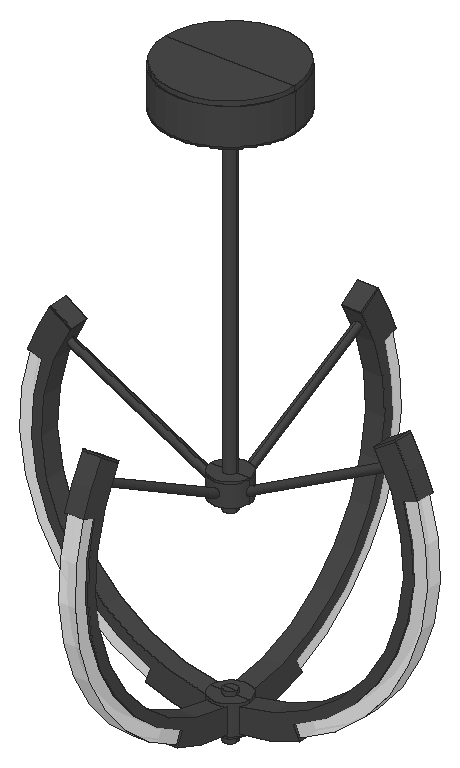
Revit family "3-6140 Utopia Pendant", category Lighting Fixtures, host Ceiling, Revit 2018
Family settings
  Host = Ceiling
  Round Connector Dimension = Use Diameter
  Part Type = Normal
  OmniClass Number = 23.80.70.11
  OmniClass Title = Luminaries for Internal Lighting
  Always vertical = Yes
  Cut with Voids When Loaded = No
  Light Source = Yes
  Shared = No
  Room Calculation Point = No
Parameters (values of type "3-6140-15 / Black - Matte White Acrylic")
  Wattage Comments = "4 x 10.0 W at 120 V"  # constant formula
  Wattage = 49.1 W
  built-in parameter 1150110 = 1 (stored number, unit not read)
  Voltage Input = "120 V or 277 V - 50/60 Hz"  # constant formula
  Voltage = 120 V
  URL = "www.oxygenlighting.com"
  built-in parameter 1114217 = 1 (stored number, unit not read)
  Tilt Angle = 90.00°  # constant formula
  built-in parameter 1150109 = 1 (stored number, unit not read)
  built-in parameter 1150134 = (empty or 0)
  built-in parameter 1150113 = 1 (stored number, unit not read)
  References = "Ref. 3 = 120 V / Ref. 37 = 277 V"  # constant formula
  Photometric Web File = "3-6140-24 Utopia Pendant.ies"
  Model = "3-6140-xx / Utopia Pendant"  # constant formula
  Metal Finish = 15 - Black
  Manufacturer = "Oxygen - Lighting & Fans"  # constant formula
  Lumens = 1507.37 lm
  built-in parameter 1150115 = 1 (stored number, unit not read)
  built-in parameter 1150105 = 119.95 (stored number, unit not read)
  built-in parameter 1150137 = (empty or 0)
  built-in parameter 1150139 = (empty or 0)
  built-in parameter 1150112 = 1 (stored number, unit not read)
  built-in parameter 1150114 = 1 (stored number, unit not read)
  Lamp = "LED Array"  # constant formula
  built-in parameter 1150132 = (empty or 0)
  built-in parameter 1150102 = (empty or 0)
  built-in parameter 1150138 = (empty or 0)
  built-in parameter 1150107 = 3000 (stored number, unit not read)
  built-in parameter 1150106 = 1.1995 (stored number, unit not read)
  built-in parameter 1150104 = 2.8521 (stored number, unit not read)
  Dimming Lamp Color Temperature Shift = <None>
  Diffusers = Matte White Acrylic
  Color Filter = 16777215
  built-in parameter 1114218 = 1 (stored number, unit not read)
  built-in parameter 1150133 = 10 (stored number, unit not read)
Types (3): name | Metal Finish
  (no name) | 15 - Black
  3-6140-24 / Satin Nickel - Matte White Acrylic | 24 - Satin Nickel
  3-6140-15 / Black - Matte White Acrylic | 15 - Black
Reference planes (in)
  plane 1 "Light Source Axis (F/B)": y = 0
  plane 2 "Ceiling": z = 96
  plane 3 "Light Source Axis (L/R)": x = 0
  plane 4 "Light Source Elevation": z = 64.1
  plane 5: z = 93.79528
  plane 6: z = 93.59843
Forms (in)
  Extrusion 1, solid, material "15 - Black" <- "Metal Finish"
    sketch origin (0, 0, 0) x (1, 0, 0) y (0, 1, 0)
      loop
        line (0, 0.62961) -> (-0.05867, 0.59573) -> (-0.12283, 0.61751) -> (-0.17377, 0.57284) -> (-0.24094, 0.58168) -> (-0.28218, 0.52793) -> (-0.34979, 0.5235) -> (-0.37976, 0.46273) -> (-0.4452, 0.4452) -> (-0.46273, 0.37976) -> (-0.5235, 0.34979) -> (-0.52793, 0.28218) -> (-0.58168, 0.24094) -> (-0.57284, 0.17377) -> (-0.61751, 0.12283) -> (-0.59573, 0.05867) -> (-0.62961, 0) -> (-0.59573, -0.05867) -> (-0.61751, -0.12283) -> (-0.57284, -0.17377) -> (-0.58168, -0.24094) -> (-0.52793, -0.28218) -> (-0.5235, -0.34979) -> (-0.46273, -0.37976) -> (-0.4452, -0.4452) -> (-0.37976, -0.46273) -> (-0.34979, -0.5235) -> (-0.28218, -0.52793) -> (-0.24094, -0.58168) -> (-0.17377, -0.57284) -> (-0.12283, -0.61751) -> (-0.05867, -0.59573) -> (0, -0.62961) -> (0.05867, -0.59573) -> (0.12283, -0.61751) -> (0.17377, -0.57284) -> (0.24094, -0.58168) -> (0.28218, -0.52793) -> (0.34979, -0.5235) -> (0.37976, -0.46273) -> (0.4452, -0.4452) -> (0.46273, -0.37976) -> (0.5235, -0.34979) -> (0.52793, -0.28218) -> (0.58168, -0.24094) -> (0.57284, -0.17377) -> (0.61751, -0.12283) -> (0.59573, -0.05867) -> (0.62961, 0) -> (0.59573, 0.05867) -> (0.61751, 0.12283) -> (0.57284, 0.17377) -> (0.58168, 0.24094) -> (0.52793, 0.28218) -> (0.5235, 0.34979) -> (0.46273, 0.37976) -> (0.4452, 0.4452) -> (0.37976, 0.46273) -> (0.34979, 0.5235) -> (0.28218, 0.52793) -> (0.24094, 0.58168) -> (0.17377, 0.57284) -> (0.12283, 0.61751) -> (0.05867, 0.59573) -> (0, 0.62961)
    from 93.59843 to 93.79528
  Revolve 2, solid, material "15 - Black" <- "Metal Finish"
    sketch origin (0, 0, 0) x (1, 0, 0) y (0, 0, 1)
      loop
        line (3.2874, 96) -> (0, 96) -> (0, 93.79528) -> (3.22835, 93.79528)
        arc (3.22835, 93.79528) -> (3.31186, 93.82987) -> (3.34646, 93.91339) r 0.11811
        line (3.34646, 93.91339) -> (3.34646, 95.76378) -> (3.2874, 95.76378) -> (3.2874, 96)
      loop
        line (0.47244, 93.55906) -> (0.47244, 93.59843) -> (0, 93.59843) -> (0, 77.24037) -> (0.31496, 77.24037) -> (0.31496, 92.92913) -> (0.20669, 92.92913) -> (0.20669, 92.98819)
        arc (0.20669, 92.98819) -> (0.25783, 93.03293) -> (0.29948, 93.08661) r 0.35433
        line (0.29948, 93.08661) -> (0.43307, 93.08661) -> (0.43307, 93.51969) -> (0.47244, 93.55906)
      axis (0, 96) -> (0, 77.24037)
    angle from 0 to 360
  Revolve 3, solid, material "15 - Black" <- "Metal Finish"
    sketch origin (0, 0, 0) x (1, 0, 0) y (0, 0, 1)
      loop
        line (0, 77.24037) -> (0, 77.16163) -> (0.98425, 77.16163) -> (0.98425, 77.24037) -> (0, 77.24037)
      axis (0, 77.24037) -> (0, 77.16163)
    angle from 0 to 360
  Revolve 4, solid, material "15 - Black" <- "Metal Finish"
    sketch origin (0, 0, 0) x (1, 0, 0) y (0, 0, 1)
      loop
        line (0, 77.16163) -> (0, 75.46872) -> (0.33465, 75.46872) -> (0.33465, 76.05927) -> (0.98425, 76.05927) -> (0.98425, 77.16163) -> (0, 77.16163)
      axis (0, 77.16163) -> (0, 75.46872)
    angle from 0 to 360
  Revolve 5, solid, material "15 - Black" <- "Metal Finish"
    sketch origin (0, 0, 0) x (1, 0, 0) y (0, 0, 1)
      loop
        line (0, 64.90816) -> (0.33465, 64.90816) -> (0.33465, 65.49871) -> (0.98425, 65.49871) -> (0.98425, 65.57745) -> (0, 65.57745) -> (0, 64.90816)
      axis (0, 65.57745) -> (0, 64.90816)
    angle from 0 to 360
  Revolve 6, solid, material "15 - Black" <- "Metal Finish"
    sketch origin (0, 0, 0) x (1, 0, 0) y (0, 0, 1)
      loop
        line (0, 65.57745) -> (0.98425, 65.57745) -> (0.98425, 67.07352) -> (0.33465, 67.07352) -> (0.33465, 67.26195) -> (0, 67.26195) -> (0, 65.57745)
      axis (0, 67.26195) -> (0, 65.57745)
    angle from 0 to 360
  Revolve 7, solid, material "15 - Black" <- "Metal Finish"
    sketch origin (0, 0, 0) x (1, 0, 0) y (0, 0, 1)
      loop
        line (-0.78176, 76.76758) -> (-8.15269, 80.52325) -> (-8.24205, 80.34786) -> (-0.87113, 76.59218) -> (-0.78176, 76.76758)
      axis (-8.24205, 80.34786) -> (-0.87113, 76.59218)
    angle from 0 to 360
  Revolve 8, solid, material "15 - Black" <- "Metal Finish"
    sketch origin (0, 0, 0) x (1, 0, 0) y (0, 0, 1)
      loop
        line (0.78653, 76.77001) -> (0.87589, 76.59461) -> (8.24205, 80.34786) -> (8.15269, 80.52325) -> (0.78653, 76.77001)
      axis (8.24205, 80.34786) -> (0.87589, 76.59461)
    angle from 0 to 360
  Revolve 9, solid, material "15 - Black" <- "Metal Finish"
    sketch origin (0, 0, 0) x (0, -1, 0) y (0, 0, 1)
      loop
        line (-0.78176, 76.76758) -> (-8.15269, 80.52325) -> (-8.24205, 80.34786) -> (-0.87113, 76.59218) -> (-0.78176, 76.76758)
      axis (-8.24205, 80.34786) -> (-0.87113, 76.59218)
    angle from 0 to 360
  Revolve 10, solid, material "15 - Black" <- "Metal Finish"
    sketch origin (0, 0, 0) x (0, -1, 0) y (0, 0, 1)
      loop
        line (0.78653, 76.77001) -> (0.87589, 76.59461) -> (8.24205, 80.34786) -> (8.15269, 80.52325) -> (0.78653, 76.77001)
      axis (8.24205, 80.34786) -> (0.87589, 76.59461)
    angle from 0 to 360
Cuts and joins
  joined: Revolve 4, Revolve 7, Revolve 8, Revolve 9, Revolve 10
Dimensions and locks (in)
  equal spacing: host sketch curve, plane 3 "Light Source Axis (L/R)", host sketch curve
  equal spacing: host sketch curve, plane 1 "Light Source Axis (F/B)", host sketch curve
  host sketch curve to host sketch curve = 120.00"  (x2)
  locked: plane 2 "Ceiling" to plane 4 "Light Source Elevation" at 31.9
  locked: plane 5 to plane 6 at 0.19685
  locked: plane 2 "Ceiling" to plane 5 at 2.20472
  locked: Revolve 2 sketch curve to Revolve 2 sketch curve at 3.34646
  aligned and locked: plane 3 "Light Source Axis (L/R)" to imposter light
  aligned and locked: plane 1 "Light Source Axis (F/B)" to imposter light
  aligned and locked: plane 4 "Light Source Elevation" to imposter light
  aligned and locked: Extrusion 1 to plane 5
  aligned and locked: plane 6 to Extrusion 1
  aligned and locked: Revolve 2 sketch curve to plane 3 "Light Source Axis (L/R)"
  aligned and locked: Revolve 2 sketch curve to plane 5
  aligned and locked: Revolve 3 sketch curve to plane 3 "Light Source Axis (L/R)"
  aligned and locked: Revolve 4 sketch curve to plane 3 "Light Source Axis (L/R)"
  aligned and locked: Revolve 5 sketch curve to imposter light
  aligned and locked: Revolve 6 sketch curve to imposter light
Nested families (in)
  nested 1: "Diffuser" at (0, 0, 81.9162), type "Diffuser"
  nested 2: "Diffuser" at (0, 0, 81.9162) x (0, 1, 0) z (0, 0, 1), type "Diffuser"
Connectors (in)
  electrical at (0, 0, 96), driven by "Voltage"
    settings: on Revolve 2, index 1, voltage 120 V, apparent load 0 VA, apparent load phase1 0 VA, apparent load phase2 0 VA, apparent load phase3 0 VA, power factor 1, load classification "Other", number of poles 1, system type 31, power factor state 1, is connector primary yes, connector utility no, sub classification motor no, connector description ""
Definition of nested family "Diffuser"
  Parameters (values of type "Diffuser")
    Metal Finish = none
    Diffuser = none
  Reference planes (in)
    plane 1 "Center (Front/Back)": y = 0
    plane 2: z = 0
    plane 3 "Center (Left/Right)": x = 0
  Forms (in)
    Extrusion 1, solid, material <- "Metal Finish"
      sketch origin (0, 0, 0) x (1, 0, 0) y (0, 0, 1)
        loop
          arc (-8.83111, -0.06615) -> (-9.4715, -1.20841) -> (-9.96491, -2.42142) r 10.51181
          line (-9.96491, -2.42142) -> (-9.2558, -2.65956)
          arc (-9.2558, -2.65956) -> (-8.869, -9.85104) -> (-3.65685, -14.82099) r 9.76378
          line (-3.65685, -14.82099) -> (-3.93701, -15.51458)
          arc (-3.93701, -15.51458) -> (-2.42239, -15.99677) -> (-0.85239, -16.24507) r 10.51181
          line (-0.85239, -16.24507) -> (-0.85239, -14.9805)
          arc (-0.85239, -14.9805) -> (-8.32036, -9.81394) -> (-7.7727, -0.7495) r 9.25197
          line (-7.7727, -0.7495) -> (-8.83111, -0.06615)
      from 0.49 to -0.49
    Extrusion 2, solid, material <- "Metal Finish"
      sketch origin (0, 0, 0) x (1, 0, 0) y (0, 0, 1)
        loop
          line (-8.83111, -0.06615) -> (-7.7727, -0.7495) -> (-7.72999, -0.68335) -> (-8.7884, 0) -> (-8.83111, -0.06615)
      from 0.49 to -0.49
    Extrusion 3, solid, material <- "Diffuser"
      sketch origin (0, 0, 0) x (1, 0, 0) y (0, 0, 1)
        loop
          arc (-9.89026, -2.44649) -> (-9.47696, -10.13093) -> (-3.90752, -15.44157) r 10.43307
          line (-3.90752, -15.44157) -> (-3.65685, -14.82099)
          arc (-3.65685, -14.82099) -> (-8.869, -9.85104) -> (-9.2558, -2.65956) r 9.76378
          line (-9.2558, -2.65956) -> (-9.89026, -2.44649)
      from 0.41 to -0.41
    Extrusion 4, solid, material <- "Metal Finish"
      sketch origin (0, 0, 0) x (-1, 0, 0) y (0, 0, -1)
        loop
          line (-8.83111, 0.06615) -> (-7.7727, 0.7495)
          arc (-7.7727, 0.7495) -> (-8.32036, 9.81394) -> (-0.85239, 14.9805) r 9.25197
          line (-0.85239, 14.9805) -> (-0.85239, 16.24507)
          arc (-0.85239, 16.24507) -> (-2.42239, 15.99677) -> (-3.93701, 15.51458) r 10.51181
          line (-3.93701, 15.51458) -> (-3.65685, 14.82099)
          arc (-3.65685, 14.82099) -> (-8.869, 9.85104) -> (-9.2558, 2.65956) r 9.76378
          line (-9.2558, 2.65956) -> (-9.96491, 2.42142)
          arc (-9.96491, 2.42142) -> (-9.4715, 1.20841) -> (-8.83111, 0.06615) r 10.51181
      from 0.49 to -0.49
    Extrusion 5, solid, material <- "Metal Finish"
      sketch origin (0, 0, 0) x (-1, 0, 0) y (0, 0, -1)
        loop
          line (-8.83111, 0.06615) -> (-8.7884, 0) -> (-7.72999, 0.68335) -> (-7.7727, 0.7495) -> (-8.83111, 0.06615)
      from 0.49 to -0.49
    Extrusion 6, solid, material <- "Diffuser"
      sketch origin (0, 0, 0) x (-1, 0, 0) y (0, 0, -1)
        loop
          line (-9.89026, 2.44649) -> (-9.2558, 2.65956)
          arc (-9.2558, 2.65956) -> (-8.869, 9.85104) -> (-3.65685, 14.82099) r 9.76378
          line (-3.65685, 14.82099) -> (-3.90752, 15.44157)
          arc (-3.90752, 15.44157) -> (-9.47696, 10.13093) -> (-9.89026, 2.44649) r 10.43307
      from 0.41 to -0.41
  Dimensions and locks (in)
    aligned and locked: plane 2 to level
